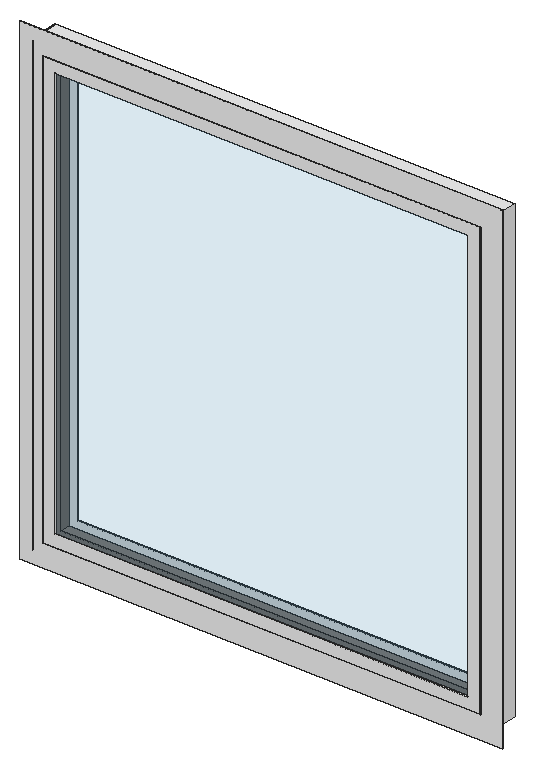
Revit family "Casement_38_H_Top_Hung_Custom", category Windows, host Wall, Revit 2014
Parameters (values of type "Casement_Sash_DG")
  Width Sash [instance] = 30 mm
  Width Sash Inner = 15 mm
  Width Bead = 15 mm
  Top Hung [instance] = yes
  Side Hung Right [instance] = yes
  Side Hung Left [instance] = yes
  Sash Opening Width [instance] = 600 mm
  Sash Opening Height [instance] = 600.312 mm
  Sash Lip = 15 mm
  Glazing Material [instance] = Glass
  DG Start Piece 2 [instance] = DG End Piece 1 + DG Gasket Thickness  # 25 mm
  DG Start Peice 1 [instance] = (Depth Sash - (2 * DG Glazing Thickness) - DG Gasket Thickness) / 2  # 6.6 mm
  Glazing Offset = 5 mm
  DG Glazing Thickness [instance] = 6.4 mm
  DG Gasket Thickness = 12 mm  # constant formula
  DG Gasket Material [instance] = Double Glazing Gasket Material
  DG End Piece 2 [instance] = DG Start Piece 2 + DG Glazing Thickness  # 31.4 mm
  DG End Piece 1 [instance] = DG Start Peice 1 + DG Glazing Thickness  # 13 mm
  Depth Sash [instance] = 38 mm
  Center Vertical Sash [instance] = Sash Opening Height / 2  # 300.156 mm
  Center Horizontal Sash [instance] = Sash Opening Width / 2  # 300 mm
  Bottom Hung [instance] = yes
  Bead Offset = 15 mm
  Aluminium Thickness = 1 mm
  Aluminium Material [instance] = White Powder Coated Aluminium
Reference planes
  plane 1 "Center (Front/Back)": y = 0
  plane 2: z = 0
  plane 3 "Center (Left/Right)": x = 0
Forms (mm)
  Sweep 1, solid, material "White Powder Coated Aluminium" <- "Aluminium Material"
    path origin (16.177, 0, 121.331) x (1, 0, 0) y (0, 0, 1)
      loop
        line (0, 0) -> (600, 0) -> (600, 600.312) -> (0, 600.312) -> (0, 0)
    profile origin (316.177, 0, 121.331) x (0, 0, 1) y (0, -1, 0)
      loop
        line (0, 0) -> (30, 0) -> (30, 1) -> (15, 1) -> (15, 38) -> (-15, 38) -> (-15, 37) -> (0, 37) -> (0, 0)
      loop
        line (14, 1) -> (14, 37) -> (1, 37) -> (1, 1) -> (14, 1)
  Sweep 2, solid, material "White Powder Coated Aluminium" <- "Aluminium Material"
    path origin (0, 0, 0) x (1, 0, 0) y (0, 0, 1)
      loop
        line (31.177, 706.643) -> (31.177, 136.331) -> (601.177, 136.331) -> (601.177, 706.643) -> (31.177, 706.643)
    profile origin (316.177, 0, 706.643) x (0, 0, 1) y (0, -1, 0)
      loop
        line (0, 37) -> (0, 38) -> (-15, 38) -> (-15, 37) -> (0, 37)
  Extrusion 3, solid, material "Glass" <- "Glazing Material"
    sketch origin (0, 0, 0) x (1, 0, 0) y (0, 0, 1)
      loop
        line (36.177, 701.643) -> (36.177, 141.331) -> (596.177, 141.331) -> (596.177, 701.643) -> (36.177, 701.643)
    from 6.6 <- "DG Start Peice 1" to 13 <- "DG End Piece 1"
  Extrusion 4, solid, material "Glass" <- "Glazing Material"
    sketch origin (0, 0, 0) x (1, 0, 0) y (0, 0, 1)
      loop
        line (36.177, 701.643) -> (36.177, 141.331) -> (596.177, 141.331) -> (596.177, 701.643) -> (36.177, 701.643)
    from 31.4 <- "DG End Piece 2" to 25 <- "DG Start Piece 2"
  Sweep 5, solid, material "Double Glazing Gasket Material" <- "DG Gasket Material"
    path origin (0, -13, 0) x (1, 0, 0) y (0, 0, 1)
      loop
        line (36.177, 701.643) -> (36.177, 141.331) -> (596.177, 141.331) -> (596.177, 701.643) -> (36.177, 701.643)
    profile origin (316.177, -13, 701.643) x (0, 0, 1) y (0, -1, 0)
      loop
        line (0, 0) -> (0, 12) -> (-7.96, 12) -> (-7.96, 0) -> (0, 0)
Lines and regions (mm)
  model lines
    curve 1: line (1.177, -38, 736.643) -> (31.177, -38, 706.643)
    curve 2: line (601.177, -38, 706.643) -> (631.177, -38, 736.643)
    curve 3: line (601.177, -38, 136.331) -> (631.177, -38, 106.331)
    curve 4: line (1.177, -38, 106.331) -> (31.177, -38, 136.331)
    curve 5: line (631.177, -37, 736.643) -> (616.177, -37, 721.643)
    curve 6: line (1.177, -37, 736.643) -> (16.177, -37, 721.643)
    curve 7: line (1.177, -37, 106.331) -> (16.177, -37, 121.331)
    curve 8: line (631.177, -37, 106.331) -> (616.177, -37, 121.331)
    curve 9: line (616.177, 0, 121.331) -> (586.177, 0, 151.331)
    curve 10: line (46.177, 0, 151.331) -> (16.177, 0, 121.331)
    curve 11: line (616.177, 0, 721.643) -> (586.177, 0, 691.643)
    curve 12: line (46.177, 0, 691.643) -> (16.177, 0, 721.643)
    curve 13: line (31.177, -38, 691.643) -> (46.177, -38, 691.643)
    curve 14: line (586.177, -38, 691.643) -> (601.177, -38, 691.643)
    curve 15: line (586.177, -38, 151.331) -> (601.177, -38, 151.331)
    curve 16: line (31.177, -38, 151.331) -> (46.177, -38, 151.331)
  model lines, style "GenericModelHiddenLines", visible <- "Top Hung"
    curve 17: line (46.386, -31.4, 690.914) -> (316.177, -31.4, 151.331)
    curve 18: line (316.177, -31.4, 151.331) -> (586.177, -31.4, 691.331)
  model lines, style "GenericModelHiddenLines", visible <- "Bottom Hung"
    curve 19: line (46.177, -31.4, 151.331) -> (316.177, -31.4, 691.331)
    curve 20: line (316.177, -31.4, 691.331) -> (586.177, -31.4, 151.331)
  model lines, style "GenericModelHiddenLines", visible <- "Side Hung Left"
    curve 21: line (46.386, -31.4, 690.914) -> (585.24, -31.4, 421.487)
    curve 22: line (585.24, -31.4, 421.487) -> (46.177, -31.4, 151.331)
  model lines, style "GenericModelHiddenLines", visible <- "Side Hung Right"
    curve 23: line (586.177, -31.4, 691.331) -> (46.177, -31.4, 421.487)
    curve 24: line (46.177, -31.4, 421.487) -> (586.177, -31.4, 151.331)
Dimensions and locks
  "Aluminium Thickness": Sweep 1 sketch curve to Sweep 1 sketch curve  (x4)
  "Depth Sash": Sweep 1 sketch curve to Sweep 1 sketch curve
  "Sash Opening Width": Sweep 1 to Sweep 1
  "Sash Opening Height": Sweep 1 to Sweep 1
  "Width Sash": Sweep 1 sketch curve to Sweep 1 sketch curve  (x2)
  "Width Sash Inner": Sweep 1 sketch curve to Sweep 1 sketch curve
  "Sash Lip": Sweep 1 sketch curve to Sweep 1 sketch curve
  "Aluminium Thickness": Sweep 1 to Sweep 2 sketch curve
  "Glazing Offset": Sweep 2 to Extrusion 3 sketch curve  (x3)
  "Glazing Offset": Extrusion 3 sketch curve to Sweep 2
  Sweep 1 to Sweep 1 = 1 mm
  "Aluminium Thickness": Sweep 2 sketch curve to Sweep 2 sketch curve
  "Width Bead": Sweep 2 sketch curve to Sweep 2 sketch curve
  locked: Sweep 5 sketch curve to Sweep 5 sketch curve at 7.96
  "Center Horizontal Sash": Sweep 1 to curve 18
  "Center Horizontal Sash": Sweep 1 to curve 20
  "Center Vertical Sash": Sweep 1 to curve 22
  "Center Vertical Sash": Sweep 1 to curve 24
  aligned and locked: level to plane 2
  aligned and locked: Sweep 1 sketch curve to Sweep 1 sketch curve  (x2)
  aligned and locked: Sweep 2 sketch curve to Sweep 1  (x5)
  aligned and locked: Extrusion 4 sketch curve to Extrusion 3  (x4)
  aligned and locked: Sweep 5 sketch curve to Extrusion 3  (x5)
  aligned and locked: Extrusion 3 to Sweep 5 sketch curve
Automatic sketch dimensions
  plane 3 "Center (Left/Right)" to Sweep 1 sketch curve = 16.177 mm
  level to Sweep 1 sketch curve = 121.331 mm
  plane 3 "Center (Left/Right)" to Sweep 1 sketch curve = 616.177 mm
  level to Sweep 1 sketch curve = 721.643 mm
  profile plane to Sweep 5 sketch curve = 12 mm
  curve 7 to Sweep 1 = 0 mm  (x4)
  curve 6 to Sweep 1 = 0 mm  (x3)
  Sweep 1 to curve 6 = 0 mm
  curve 5 to Sweep 1 = 0 mm  (x3)
  curve 8 to Sweep 1 = 0 mm  (x4)
  Sweep 1 to curve 5 = 0 mm
  curve 16 to Sweep 2 = 0 mm  (x3)
  curve 13 to Sweep 2 = 0 mm  (x3)
  curve 15 to Sweep 2 = 0 mm
  Sweep 2 to curve 15 = 0 mm  (x2)
  curve 14 to Sweep 2 = 0 mm  (x2)
  Sweep 2 to curve 14 = 0 mm
  curve 1 to Sweep 1 = 0 mm  (x4)
  curve 4 to Sweep 1 = 0 mm  (x3)
  Sweep 1 to curve 4 = 0 mm
  curve 3 to Sweep 1 = 0 mm  (x3)
  curve 2 to Sweep 1 = 0 mm  (x4)
  Sweep 1 to curve 3 = 0 mm
  curve 10 to Sweep 1 = 0 mm  (x4)
  curve 12 to Sweep 1 = 0 mm  (x3)
  Sweep 1 to curve 12 = 0 mm
  curve 9 to Sweep 1 = 0 mm  (x4)
  curve 11 to Sweep 1 = 0 mm  (x3)
  Sweep 1 to curve 11 = 0 mm
  Sweep 1 sketch curve to plane 1 "Center (Front/Back)" = 0 mm
  profile plane to Sweep 1 sketch curve = 0 mm
  curve 21 to Extrusion 4 = 10.208 mm
  curve 19 to Extrusion 4 = 10 mm
  curve 23 to Extrusion 4 = 10 mm  (x2)
  curve 22 to Extrusion 4 = 10.937 mm
  curve 20 to Extrusion 4 = 10 mm
  curve 24 to Extrusion 4 = 10 mm
  curve 22 to Extrusion 4 = 10 mm
  curve 18 to Extrusion 4 = 10 mm
  curve 21 to Extrusion 4 = 10.729 mm
  curve 19 to Extrusion 4 = 10.312 mm
  curve 18 to Extrusion 4 = 10.312 mm
